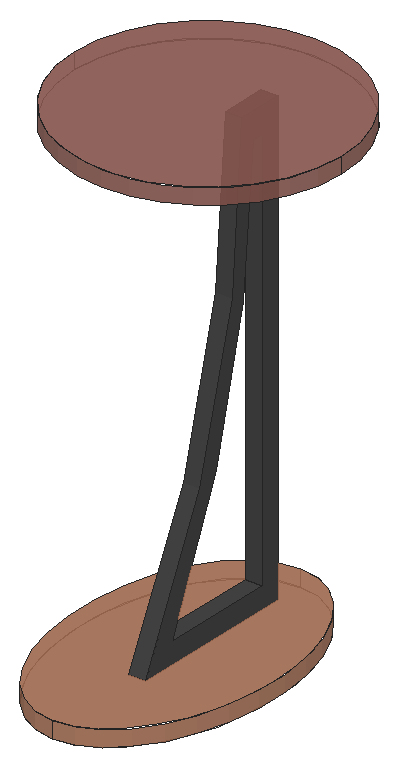
Revit family
Reference planes (in)
  plane 1 "Center Front/Back": y = 0
  plane 2: z = 0
  plane 3 "Center Left/Right": x = 0
  plane 4: z = 1
  plane 5 "Top": z = 28
Forms (in)
  Extrusion 1, solid, material "Wood"
    sketch origin (0, 0, 28) x (0, 1, 0) y (-1, 0, 0)
      loop
        circle (2.4069, -0.04276) r 8
    from 0 to 1
  Extrusion 2, solid, material "Legs"
    sketch origin (0, 0, 0) x (0, 1, 0) y (0, 0, 1)
      loop
        line (6.40782, 28) -> (3.73463, 28)
        arc (3.73463, 28) -> (2.03063, 13.98733) -> (-3.5, 1) r 50.29721
        line (-3.5, 1) -> (6.40782, 1) -> (6.40782, 28)
    from 0 to 1
  Extrusion 3, void
    sketch origin (0, 0, 0) x (0, 1, 0) y (0, 0, 1)
      loop
        line (5.25789, 2.2456) -> (5.25789, 26.4956) -> (4.50789, 26.4956)
        arc (4.50789, 26.4956) -> (2.95813, 14.00325) -> (-1.53832, 2.2456) r 52.17844
        line (-1.53832, 2.2456) -> (5.25789, 2.2456)
    from 0 to 1
  Extrusion 4, solid, material "Wood 2"
    sketch origin (0, 0, 0) x (1, 0, 0) y (0, 1, 0)
      loop
        spline (0, -9.16231) -> (1.48821, -8.84594) -> (2.875, -7.91841) -> (4.06586, -6.44293) -> (4.97965, -4.52004) -> (5.55407, -2.28078) -> (5.75, 0.12223) -> (5.55407, 2.52525) -> (4.97965, 4.7645) -> (4.06586, 6.68739) -> (2.875, 8.16288) -> (1.48821, 9.09041) -> (0, 9.40677)
        spline (0, 9.40677) -> (-1.48821, 9.09041) -> (-2.875, 8.16288) -> (-4.06586, 6.68739) -> (-4.97965, 4.7645) -> (-5.55407, 2.52525) -> (-5.75, 0.12223) -> (-5.55407, -2.28078) -> (-4.97965, -4.52004) -> (-4.06586, -6.44293) -> (-2.875, -7.91841) -> (-1.48821, -8.84594) -> (0, -9.16231)
    from 0 to 1
Cuts and joins
  Extrusion 3 cuts Extrusion 2
